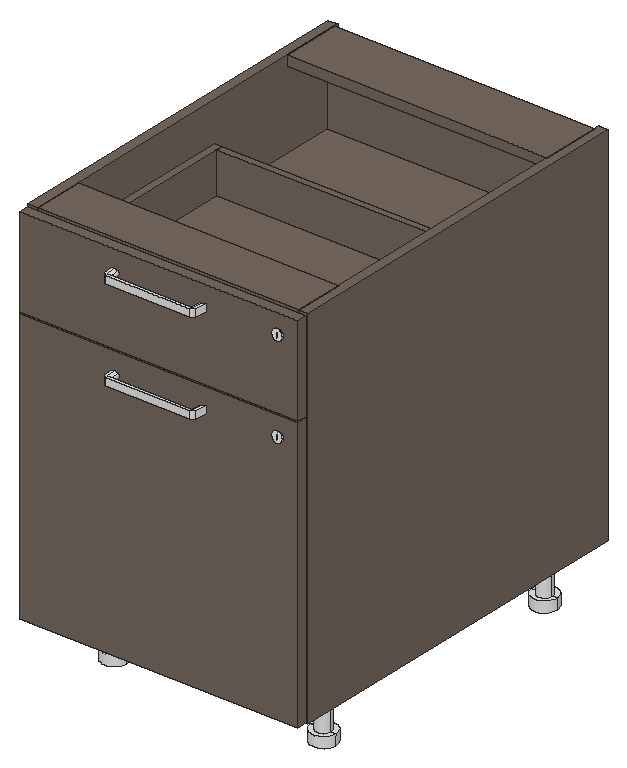
Revit family "Base_Cabinets-Teknion-CEBDS_Base_Cabinet_Door(s)_And_Drawer(s)-R2022", category Furniture, Revit 2023 (continued)
Automatic sketch dimensions
  Sweep 11 sketch curve to profile plane = 0.03773"
  Sweep 11 sketch curve to profile plane = 0.19795"
  Sweep 11 sketch curve to Sweep 11 sketch curve = 0.07373"  (x2)
  Sweep 11 sketch curve to Sweep 11 sketch curve = 0.11416"
  Sweep 15 sketch curve to profile plane = 0.000"
  Sweep 15 sketch curve to Sweep 15 sketch curve = 0.03671"
  Sweep 15 sketch curve to Sweep 15 sketch curve = 0.03773"
  Sweep 15 sketch curve to Sweep 15 sketch curve = 0.07373"  (x2)
  level to Sweep 15 sketch curve = 25.35483"
  Sweep 15 sketch curve to Sweep 15 sketch curve = 0.11416"
  Sweep 15 sketch curve to Sweep 15 sketch curve = 0.11466"
  Sweep 16 sketch curve to profile plane = 0.000"
  Sweep 16 sketch curve to profile plane = 0.0382"  (x2)
  Sweep 16 sketch curve to Sweep 16 sketch curve = 0.07293"  (x2)
  level to Sweep 16 sketch curve = 25.35483"
  Sweep 16 sketch curve to Sweep 16 sketch curve = 0.11416"
  Sweep 16 sketch curve to Sweep 16 sketch curve = 0.15134"
  Sweep 17 sketch curve to profile plane = 0.000"
  Sweep 17 sketch curve to profile plane = 0.03717"
  Sweep 17 sketch curve to profile plane = 0.0382"
  Sweep 18 sketch curve to profile plane = 0.000"
  Sweep 18 sketch curve to profile plane = 0.0382"  (x2)
  Sweep 18 sketch curve to Sweep 18 sketch curve = 0.07293"  (x2)
  level to Sweep 18 sketch curve = 25.35483"
  Sweep 18 sketch curve to Sweep 18 sketch curve = 0.11416"
  Sweep 18 sketch curve to Sweep 18 sketch curve = 0.15134"
  Sweep 13 sketch curve to Sweep 13 sketch curve = 0.34449"
  Sweep 13 sketch curve to Sweep 13 sketch curve = 0.18701"  (x2)
  Revolve 19 sketch curve to level = 3.11614"
  Revolve 19 sketch curve to Revolve 19 sketch curve = 2.000"
  Revolve 20 sketch curve to level = 2.11614"
  Revolve 20 sketch curve to Revolve 20 sketch curve = 2.000"
  Revolve 21 sketch curve to level = 1.11614"
  Revolve 21 sketch curve to Revolve 21 sketch curve = 1.250"
  Revolve 22 sketch curve to Revolve 22 sketch curve = 1.500"
  Revolve 22 sketch curve to level = 3.11614"
  Sweep 24 sketch curve to Sweep 24 sketch curve = 0.000"
  Sweep 42 sketch curve to profile plane = 0.000"
  Sweep 42 sketch curve to profile plane = 0.03671"
  Sweep 42 sketch curve to profile plane = 0.03773"
  Sweep 42 sketch curve to profile plane = 0.19795"
  Sweep 42 sketch curve to Sweep 42 sketch curve = 0.07373"  (x2)
  level to Sweep 42 sketch curve = 29.79597"
  Sweep 42 sketch curve to Sweep 42 sketch curve = 0.11416"
  Sweep 43 sketch curve to profile plane = 0.000"
  Sweep 43 sketch curve to profile plane = 0.03671"
  Sweep 43 sketch curve to profile plane = 0.03773"
  Sweep 43 sketch curve to profile plane = 0.19795"
  Sweep 43 sketch curve to Sweep 43 sketch curve = 0.07373"  (x2)
  profile plane to Sweep 43 sketch curve = 29.79597"
  Sweep 43 sketch curve to Sweep 43 sketch curve = 0.11416"
  Sweep 44 sketch curve to profile plane = 0.000"
  Sweep 44 sketch curve to profile plane = 0.03671"
  Sweep 44 sketch curve to profile plane = 0.03773"
  Sweep 44 sketch curve to profile plane = 0.19795"
  Sweep 44 sketch curve to Sweep 44 sketch curve = 0.07373"  (x2)
  profile plane to Sweep 44 sketch curve = 29.79597"
  Sweep 44 sketch curve to Sweep 44 sketch curve = 0.11416"
  Sweep 45 sketch curve to profile plane = 0.000"
  Sweep 45 sketch curve to Sweep 45 sketch curve = 0.03671"
  Sweep 45 sketch curve to Sweep 45 sketch curve = 0.03773"
  Sweep 45 sketch curve to profile plane = 0.19795"
  Sweep 45 sketch curve to Sweep 45 sketch curve = 0.07373"  (x2)
  profile plane to Sweep 45 sketch curve = 29.79597"
  Sweep 45 sketch curve to Sweep 45 sketch curve = 0.11416"
  Sweep 46 sketch curve to profile plane = 0.000"
  Sweep 46 sketch curve to profile plane = 0.03671"
  Sweep 46 sketch curve to profile plane = 0.03773"
  Sweep 46 sketch curve to profile plane = 0.19795"
  Sweep 46 sketch curve to Sweep 46 sketch curve = 0.07373"  (x2)
  profile plane to Sweep 46 sketch curve = 29.79597"
  Sweep 46 sketch curve to Sweep 46 sketch curve = 0.11416"
  Sweep 47 sketch curve to profile plane = 0.000"
  Sweep 47 sketch curve to profile plane = 0.03671"
  Sweep 47 sketch curve to profile plane = 0.03773"
  Sweep 47 sketch curve to profile plane = 0.19795"
  Sweep 47 sketch curve to Sweep 47 sketch curve = 0.07373"  (x2)
  profile plane to Sweep 47 sketch curve = 29.79597"
  Sweep 47 sketch curve to Sweep 47 sketch curve = 0.11416"
  Sweep 48 sketch curve to profile plane = 0.000"
  Sweep 48 sketch curve to profile plane = 0.03671"
  Sweep 48 sketch curve to profile plane = 0.03773"
  Sweep 48 sketch curve to profile plane = 0.19795"
  Sweep 48 sketch curve to Sweep 48 sketch curve = 0.07373"  (x2)
  profile plane to Sweep 48 sketch curve = 29.79597"
  Sweep 48 sketch curve to Sweep 48 sketch curve = 0.11416"
  Sweep 49 sketch curve to profile plane = 0.000"
  profile plane to Sweep 49 sketch curve = 0.03671"
  profile plane to Sweep 49 sketch curve = 0.03773"
  profile plane to Sweep 49 sketch curve = 0.19795"
  Sweep 49 sketch curve to Sweep 49 sketch curve = 0.07373"  (x2)
  level to Sweep 49 sketch curve = 29.79597"
  Sweep 49 sketch curve to Sweep 49 sketch curve = 0.11416"
  Sweep 50 sketch curve to profile plane = 0.000"
  profile plane to Sweep 50 sketch curve = 0.03671"
  profile plane to Sweep 50 sketch curve = 0.03773"
  profile plane to Sweep 50 sketch curve = 0.19795"
  Sweep 50 sketch curve to Sweep 50 sketch curve = 0.07373"  (x2)
  profile plane to Sweep 50 sketch curve = 29.79597"
  Sweep 50 sketch curve to Sweep 50 sketch curve = 0.11416"
  Sweep 51 sketch curve to profile plane = 0.000"
  profile plane to Sweep 51 sketch curve = 0.03671"
  profile plane to Sweep 51 sketch curve = 0.03773"
  Sweep 52 sketch curve to profile plane = 0.000"
  profile plane to Sweep 52 sketch curve = 0.03671"
  profile plane to Sweep 52 sketch curve = 0.03773"
  profile plane to Sweep 52 sketch curve = 0.19795"
  Sweep 52 sketch curve to Sweep 52 sketch curve = 0.07373"  (x2)
  profile plane to Sweep 52 sketch curve = 29.79597"
  Sweep 52 sketch curve to Sweep 52 sketch curve = 0.11416"
  Sweep 53 sketch curve to profile plane = 0.000"
  profile plane to Sweep 53 sketch curve = 0.03671"
  profile plane to Sweep 53 sketch curve = 0.03773"
  profile plane to Sweep 53 sketch curve = 0.19795"
  Sweep 53 sketch curve to Sweep 53 sketch curve = 0.07373"  (x2)
  profile plane to Sweep 53 sketch curve = 29.79597"
  Sweep 53 sketch curve to Sweep 53 sketch curve = 0.11416"
  Sweep 54 sketch curve to profile plane = 0.000"
  Sweep 54 sketch curve to Sweep 54 sketch curve = 0.03671"
  Sweep 54 sketch curve to Sweep 54 sketch curve = 0.03773"
  profile plane to Sweep 54 sketch curve = 0.19795"
  Sweep 54 sketch curve to Sweep 54 sketch curve = 0.07373"  (x2)
  profile plane to Sweep 54 sketch curve = 29.79597"
  Sweep 54 sketch curve to Sweep 54 sketch curve = 0.11416"
  Sweep 55 sketch curve to profile plane = 0.000"
  profile plane to Sweep 55 sketch curve = 0.03671"
  profile plane to Sweep 55 sketch curve = 0.03773"
  profile plane to Sweep 55 sketch curve = 0.19795"
  Sweep 55 sketch curve to Sweep 55 sketch curve = 0.07373"  (x2)
  profile plane to Sweep 55 sketch curve = 29.79597"
  Sweep 55 sketch curve to Sweep 55 sketch curve = 0.11416"
  Sweep 56 sketch curve to profile plane = 0.000"
  profile plane to Sweep 56 sketch curve = 0.03671"
  profile plane to Sweep 56 sketch curve = 0.03773"
  profile plane to Sweep 56 sketch curve = 0.19795"
  Sweep 56 sketch curve to Sweep 56 sketch curve = 0.07373"  (x2)
  profile plane to Sweep 56 sketch curve = 29.79597"
  Sweep 56 sketch curve to Sweep 56 sketch curve = 0.11416"
  profile plane to Sweep 57 sketch curve = 3.70705"
  Sweep 61 sketch curve to Sweep 61 sketch curve = 0.3937"
  Sweep 61 sketch curve to Sweep 61 sketch curve = 0.000"  (x2)
  Sweep 63 sketch curve to Sweep 63 sketch curve = 0.34449"
  Sweep 63 sketch curve to Sweep 63 sketch curve = 0.18701"  (x2)
  Sweep 6 sketch curve to Sweep 6 sketch curve = 0.7874"  (x2)
  Sweep 41 sketch curve to Sweep 41 sketch curve = 0.01669"
  Sweep 55 sketch curve to plane 7 "Front" = 0.44698"
  plane 7 "Front" to Sweep 55 sketch curve = 1.14439"
  Sweep 60 sketch curve to Sweep 60 sketch curve = 0.34449"
  Sweep 60 sketch curve to Sweep 60 sketch curve = 0.18701"  (x2)
  plane 5 "Right" to Masking region 5 sketch curve = 1.220"
  profile plane to Sweep 64 sketch curve = 0.27166"  (x2)
  profile plane to Sweep 64 sketch curve = 0.03773"
  profile plane to Sweep 64 sketch curve = 0.03671"
  level to Sweep 64 sketch curve = 29.79597"
  Sweep 64 sketch curve to Sweep 64 sketch curve = 0.11419"
  Sweep 64 sketch curve to Sweep 64 sketch curve = 0.30213"
  Sweep 64 sketch curve to Sweep 64 sketch curve = 0.11468"
  Sweep 64 sketch curve to Sweep 64 sketch curve = 0.07071"
  Sweep 64 sketch curve to Sweep 64 sketch curve = 0.01612"
  Sweep 64 sketch curve to profile plane = 0.000"
  plane 7 "Front" to curve 127 = 0.000"
  plane 7 "Front" to curve 54 = 0.000"
  plane 7 "Front" to curve 125 = 0.000"
  plane 7 "Front" to curve 124 = 0.000"
  plane 7 "Front" to curve 128 = 0.000"
  plane 7 "Front" to curve 129 = 0.000"
  plane 7 "Front" to curve 123 = 0.000"
  plane 7 "Front" to curve 122 = 0.000"
  plane 7 "Front" to curve 126 = 0.000"
  plane 7 "Front" to curve 55 = 0.000"
  curve 65 to plane 13 "Foot 1" = 0.000"  (x2)
  curve 67 to plane 13 "Foot 1" = 0.000"
  curve 66 to plane 13 "Foot 1" = 0.000"
  curve 71 to plane 13 "Foot 1" = 0.000"  (x2)
  curve 70 to plane 13 "Foot 1" = 0.000"  (x2)
  plane 18 to curve 92 = 0.000"
  plane 18 to curve 85 = 0.000"
  plane 18 to curve 84 = 0.000"
  plane 18 to curve 88 = 0.000"
  plane 18 to curve 90 = 0.000"
  plane 18 to curve 91 = 0.000"
  plane 18 to curve 82 = 0.000"
  plane 18 to curve 76 = 0.000"
  curve 59 to plane 12 "Foot 2" = 0.000"  (x2)
  curve 60 to plane 12 "Foot 2" = 0.000"  (x2)
  curve 57 to plane 12 "Foot 2" = 0.000"  (x2)
  curve 63 to plane 12 "Foot 2" = 0.000"
  curve 62 to plane 12 "Foot 2" = 0.000"
  curve 5 to plane 6 "Back" = 0.000"
  curve 6 to plane 6 "Back" = 0.000"
  curve 20 to curve 19 = 0.43701"
  curve 83 to curve 22 = 0.04283"
  curve 24 to curve 24 = 0.43701"
  plane 3 "Center Left/Right" to curve 16 = 1.40157"
  curve 89 to curve 28 = 0.04283"
  curve 122 to curve 122 = 0.05906"
  curve 126 to curve 126 = 0.05906"
  curve 127 to curve 127 = 0.05906"
  curve 128 to curve 128 = 0.05906"
  plane 7 "Front" to curve 125 = 0.05906"
  plane 7 "Front" to curve 124 = 0.05906"
  curve 123 to curve 123 = 0.05906"
  curve 129 to curve 129 = 0.05906"
  curve 79 to curve 48 = 0.520"
  curve 78 to curve 79 = 0.000"
  curve 44 to curve 78 = 0.000"
  curve 77 to plane 7 "Front" = 0.70079"
  curve 45 to curve 79 = 0.000"
  curve 76 to curve 77 = 0.000"
  curve 75 to curve 51 = 0.520"
  curve 46 to curve 51 = 0.520"
  curve 50 to curve 75 = 0.000"
  curve 52 to curve 46 = 0.000"
  curve 41 to curve 76 = 0.000"
  curve 54 to plane 7 "Front" = 0.70079"
  curve 80 to curve 46 = 0.000"
  curve 54 to curve 55 = 0.000"
  curve 40 to curve 50 = 0.000"
  curve 77 to curve 42 = 0.110"
  curve 17 to plane 7 "Front" = 0.83858"
  curve 46 to curve 53 = 0.1378"
  curve 44 to curve 16 = 0.1378"
  curve 15 to plane 7 "Front" = 0.83858"
  curve 42 to curve 14 = 0.0278"
  curve 5 to curve 49 = 0.000"
  curve 53 to curve 6 = 0.000"
  curve 53 to curve 36 = 0.000"
  curve 44 to curve 35 = 0.1378"
  curve 34 to curve 35 = 0.000"
  curve 42 to curve 32 = 0.0278"
  curve 30 to curve 49 = 0.000"
  curve 32 to curve 33 = 0.110"
  curve 53 to curve 47 = 0.000"
  plane 13 "Foot 1" to curve 39 = 0.05512"
  plane 13 "Foot 1" to curve 81 = 0.05512"
  curve 74 to curve 39 = 0.000"
  curve 81 to curve 47 = 0.110"
  plane 13 "Foot 1" to curve 31 = 0.19291"
  curve 37 to curve 38 = 0.08685"
  curve 10 to plane 12 "Foot 2" = 2.19685"
  curve 10 to curve 9 = 0.000"
  curve 12 to curve 10 = 0.000"
  curve 13 to curve 9 = 0.000"
  curve 40 to curve 49 = 0.1378"
  curve 130 to plane 7 "Front" = 0.83858"
  curve 133 to plane 7 "Front" = 0.83858"
  curve 134 to curve 53 = 0.000"
  curve 49 to curve 135 = 0.000"
  Sweep 62 sketch curve to Sweep 62 sketch curve = 0.34449"
  Sweep 62 sketch curve to Sweep 62 sketch curve = 0.18701"  (x2)
Nested families (in)
  nested 1: "Teknion_2D_Node_Family-R2016" at (10.5, 0, 0), type "Teknion_2D_Node_Family-R2016"
  nested 2: "Teknion_2D_Node_Family-R2016" at (10.5, -29, 0), type "Teknion_2D_Node_Family-R2016"
  nested 3: "Teknion_2D_Node_Family-R2016" at (31.5, 0, 0), type "Teknion_2D_Node_Family-R2016"
  nested 4: "Teknion_2D_Node_Family-R2016" at (31.5, -29, 0), type "Teknion_2D_Node_Family-R2016"
Definition of nested family "Teknion_2D_Node_Family-R2016"
  Reference planes (in)
    plane 1 "Center (Front/Back)": y = 0
    plane 2: z = 0
    plane 3 "Center (Left/Right)": x = 0
  Lines and regions (in)
    detail lines, in view "Ref. Level"
      curve 1: circle (0, 0, 0) r 1.25 normal (0, 0, 1)
      curve 2: line (1.91508, -1.91508, 0) -> (-1.91508, 1.91508, 0)
      curve 3: line (-1.91508, -1.91508, 0) -> (1.91508, 1.91508, 0)
Types (4): name | X - Two Doors & Two Drawers | Two Drawers | T - Two Doors & One Drawer | Standard Drawer - Center | One Drawer | O - One Door & One Drawer | Model | MR - 2 Handles | MR - 1 Handle | Lock - 2 Drawers | Lock - 2 Doors | Lock - 1 Door - L | Handle 2 - Drawer - 32H | Handle 2 - Door - 32H | Handle 1 - Drawer - 32H | Handle 1 - Door - 32H | Description | Cut-Out - Front 2 | Cut-Out - Front 1 | Available Width | 2D - Two Drawers - 29D | 2D - Two Doors | 2D - One Drawer - 29D | MR - Lock - 2 Doors / 2 Drawers
  (no name) | no | no | no | no | yes | yes | "CEBDSO_____" | no | yes | no | no | yes | no | no | yes | yes | "Base Cabinet - Door(s) and Drawer(s), One Door & One Drawer Configuration" | 0.300" | 0.300" | "12, 15, 18 & 21 Inch" | no | no | yes | no
  One Door & One Drawer Configuration | no | no | no | no | yes | yes | "CEBDSO_____" | no | yes | no | no | yes | no | no | yes | yes | "Base Cabinet - Door(s) and Drawer(s), One Door & One Drawer Configuration" | 0.300" | 0.300" | "12, 15, 18 & 21 Inch" | no | no | yes | no
  Two Doors & One Drawer Configuration | no | no | yes | no | yes | no | "CEBDST____" | yes | yes | no | yes | no | no | yes | yes | no | "Base Cabinet - Door(s) and Drawer(s), Two Doors & One Drawer Configuration" | 3.000" | 0.300" | "24, 27, 30, 33 & 36 Inch" | no | yes | yes | yes
  Two Doors & Two Drawers Configuration | yes | yes | no | yes | no | no | "CEBDSX____" | yes | no | yes | yes | no | yes | yes | no | no | "Base Cabinet - Door(s) and Drawer(s), Two Doors & Two Drawers Configuration" | 3.000" | 3.000" | "24, 27, 30, 33 & 36 Inch" | yes | yes | no | yes
